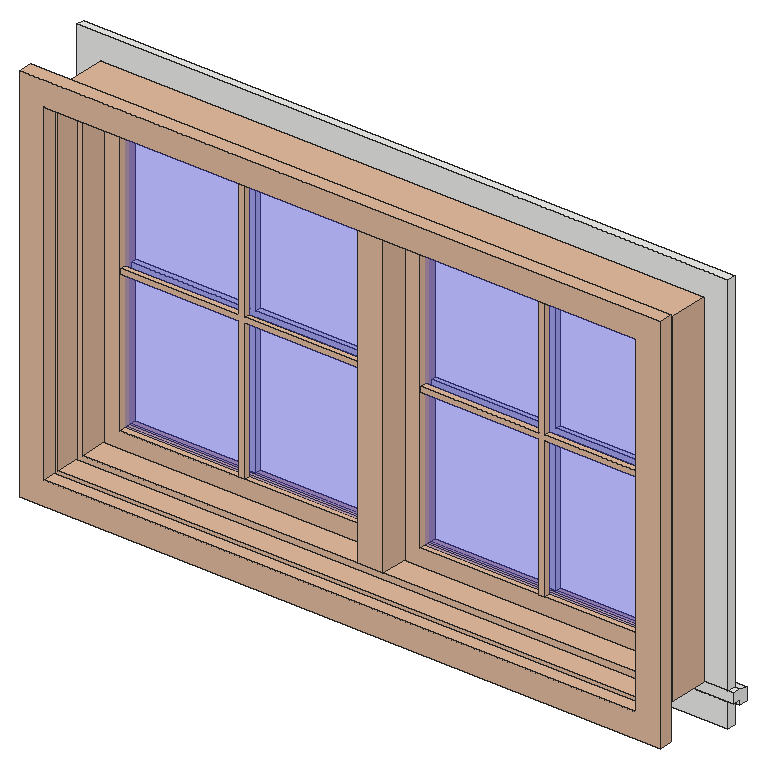
Revit family "66568e772b3940c697b5b0414b3a3b44", category Windows, host Wall, Revit 2021
Family settings
  Host = Wall
  OmniClass Number = 23.30.20.17.21.14
  OmniClass Title = Casement Windows
  Always vertical = Yes
  Cut with Voids When Loaded = No
  Shared = No
  Room Calculation Point = No
Parameters (values of type "56" x 32"")
  Window Inset [instance] = 0' - 0"
  Wall Thickness [instance] = 0' - 6"
  Interior Wall Closure [instance] = 0' - 2 1/4"
  Interior Trim Material = Wood - Stained
  Half Width = Width / 2  # 2' - 4"
  Visual Light Transmittance = 0.81
  Thermal Resistance (R) = 1.8146 (h·ft²·°F)/BTU
  Solar Heat Gain Coefficient = 0.76
  Rough Width = Width + 0' 0 1/2"  # 4' - 8 1/2"
  Rough Height = Height + 0' 0 1/2"  # 2' - 8 1/2"
  Muntin Visibility = yes
  Muntin Pattern = Muntin Pattern_2x2 : Muntin Pattern_2x2
  Interior Trim Visibility [instance] = yes
  Interior Trim = Trim-Window-Interior-Flat : Picture Frame
  Height = 2' - 8"
  Interior Frame Material = Wood - Stained
  Heat Transfer Coefficient (U) = 0.5511 BTU/(h·ft²·°F)
  Glass Panel Material = Glass
  Frame Extension [instance] = if(Exterior Trim Visibility, Window Inset + 0' 0 1/4", 0' 0 1/4")  # 0' - 0 1/4"
  Fire Rating = "0.5h"
  Exterior Wall Closure [instance] = 0' - 1 1/4"
  Exterior Trim Visibility [instance] = yes
  Exterior Trim Material = Clad - White
  Exterior Trim = Trim-Window-Exterior-Flat : with Sill
  Exterior Frame Material = Clad - White
  Extension Jamb Visibility [instance] = and(Interior Trim Visibility, Wall Thickness - Window Inset > 0' 3 3/4")  # yes
  Extension Jamb [instance] = if(Wall Thickness - Window Inset > 0' 3 3/4", Wall Thickness - Window Inset - 0' 3 3/4", 0' 1")  # 0' - 2 1/4"
  Default Sill Height = 3' - 0"
  Wall Closure = By host
  Width = 4' - 8"
  Assembly Code = "B2020100"
  Analytic Construction = "Double glazing - domestic"
Reference planes (in)
  plane 1 "Center (Front/Back)": y = 0
  plane 2: z = 0
  plane 3 "Center (Left/Right)": x = 0
  plane 4 "Left": x = -28
  plane 5 "Right": x = 28
  plane 6 "Sill": z = 36
  plane 7 "Top": z = 68
  plane 8 "Inset Face": y = 3
  plane 9 "Wall Closure": y = -0.75
  plane 10 "Sash Face": y = 3.5
  plane 11 "Exterior": y = 3
  plane 12: x = 27.5
  plane 13: x = -27.5
  plane 14: z = 67.5
  plane 15: z = 36.5
  plane 16: x = 25.25
  plane 17: x = -25.25
  plane 18: z = 65.25
  plane 19: z = 38.75
  plane 20: x = 0.375
  plane 21: x = -0.375
  plane 22: y = 2.25
  plane 23 "Glass": y = 2.625
  plane 24 "Middle": z = 52
  plane 25: y = 3.75
  plane 26: y = 3.75
  plane 27 "Interior": y = -3
  plane 28 "Jamb": y = -0.75
  plane 29: x = -1.1875
  plane 30: x = 1.1875
  plane 31: x = 2.625
  plane 32: x = -2.625
  plane 33: y = -0.75
  plane 34: y = 1.75
  plane 35: y = 3.75
Forms (in)
  Sweep 1, solid, material "Wood - Stained" <- "Interior Frame Material"
    path origin (0, 3.5, 0) x (-1, 0, 0) y (0, 0, 1)
      loop
        line (-28, 36) -> (28, 36) -> (28, 68) -> (-28, 68) -> (-28, 36)
    profile origin (28, 3.5, 52) x (1, 0, 0) y (0, 1, 0)
      loop
        line (0, 0.25) -> (-0.5, 0.25) -> (-0.5, -1.75) -> (-1.25, -1.75) -> (-1.25, -4.25) -> (0, -4.25) -> (0, 0.25)
  Extrusion 2, solid, material "Wood - Stained" <- "Interior Frame Material", visible <- "Extension Jamb Visibility"
    sketch origin (0, 0, 0) x (1, 0, 0) y (0, 0, 1)
      loop
        line (28, 68) -> (-28, 68) -> (-28, 36) -> (28, 36) -> (28, 68)
      loop
        line (27.25, 36.75) -> (27.25, 67.25) -> (-27.25, 67.25) -> (-27.25, 36.75) -> (27.25, 36.75)
    from 0.75 to 3
  Sweep 3, solid, material "Wood - Stained" <- "Interior Frame Material"
    path origin (0, 3.5, 0) x (-1, 0, 0) y (0, 0, 1)
      loop
        line (-27.5, 67.5) -> (-27.5, 36.5) -> (-0.375, 36.5) -> (-0.375, 67.5) -> (-27.5, 67.5)
    profile origin (27.5, 3.5, 52) x (0, 1, 0) y (-1, 0, 0)
      loop
        line (0, 0) -> (0, 2.25) -> (-1.75, 2.25) -> (-1.75, 0) -> (0, 0)
  Sweep 4, solid, material "Wood - Stained" <- "Interior Frame Material"
    path origin (0, 3.5, 0) x (-1, 0, 0) y (0, 0, 1)
      loop
        line (0.375, 36.5) -> (27.5, 36.5) -> (27.5, 67.5) -> (0.375, 67.5) -> (0.375, 36.5)
    profile origin (-0.375, 3.5, 52) x (1, 0, 0) y (0, 1, 0)
      loop
        line (0, 0) -> (-2.25, 0) -> (-2.25, -1.75) -> (0, -1.75) -> (0, 0)
  Extrusion 5, solid, material "Glass"
    sketch origin (0, 0, 36) x (0, -1, 0) y (1, 0, 0)
      loop
        line (-3, 2.625) -> (-2.75, 2.625) -> (-2.75, 25.25) -> (-3, 25.25) -> (-3, 2.625)
      loop
        line (-2.25, 25.25) -> (-2.5, 25.25) -> (-2.5, 2.625) -> (-2.25, 2.625) -> (-2.25, 25.25)
    from 2.75 to 29.25
  Extrusion 6, solid, material "Glass"
    sketch origin (-27.625, 0, 36) x (0, -1, 0) y (1, 0, 0)
      loop
        line (-3, 2.375) -> (-2.75, 2.375) -> (-2.75, 25) -> (-3, 25) -> (-3, 2.375)
      loop
        line (-2.25, 25) -> (-2.5, 25) -> (-2.5, 2.375) -> (-2.25, 2.375) -> (-2.25, 25)
    from 2.75 to 29.25
  Extrusion 7, solid, material "Wood - Stained" <- "Interior Frame Material"
    sketch origin (0, 0, 36) x (0, -1, 0) y (1, 0, 0)
      loop
        line (-3.75, -0.375) -> (-1.75, -0.375) -> (-1.75, -1.1875) -> (0.75, -1.1875) -> (0.75, 1.1875) -> (-1.75, 1.1875) -> (-1.75, 0.375) -> (-3.75, 0.375) -> (-3.75, -0.375)
    from 0.5 to 31.5
  Extrusion 8, void
    sketch origin (0, 0, 0) x (1, 0, 0) y (0, 0, 1)
      loop
        line (1.1875, 37.25) -> (-1.1875, 37.25) -> (-1.1875, 36.5) -> (1.1875, 36.5) -> (1.1875, 37.25)
      loop
        line (1.1875, 66.75) -> (1.1875, 67.5) -> (-1.1875, 67.5) -> (-1.1875, 66.75) -> (1.1875, 66.75)
    from -1.75 to 0.75
Cuts and joins
  Extrusion 8 cuts Extrusion 7
Lines and regions (in)
  Opening 1
    outline origin (-60, -3, 0) x (1, 0, 0) y (0, 0, 1)
      loop
        line (32, 68) -> (32, 36) -> (88, 36) -> (88, 68) -> (32, 68)
  Split face 1
    outline origin (25.25, 3.5, 38.75) x (-1, 0, 0) y (0, -1, 0)
      loop
        line (22.625, 0.5) -> (0, 0.5)
  Split face 2
    outline origin (25.25, 3.5, 65.25) x (0, 0, -1) y (0, -1, 0)
      loop
        line (0, 0.5) -> (26.5, 0.5)
  Split face 3
    outline origin (2.625, 3.5, 38.75) x (0, 0, 1) y (0, -1, 0)
      loop
        line (26.5, 0.5) -> (0, 0.5)
  Split face 4
    outline origin (2.625, 3.5, 65.25) x (0, -1, 0) y (1, 0, 0)
      loop
        line (0.5, 0) -> (0.5, 22.625)
  Split face 5
    outline origin (-25.25, 1.75, 38.75) x (1, 0, 0) y (0, 1, 0)
      loop
        line (0, 1.25) -> (22.625, 1.25)
  Split face 6
    outline origin (-2.625, 1.75, 38.75) x (0, 0, 1) y (0, 1, 0)
      loop
        line (26.5, 1.25) -> (0, 1.25)
  Split face 7
    outline origin (-25.25, 1.75, 65.25) x (0, 0, -1) y (0, 1, 0)
      loop
        line (26.5, 1.25) -> (0, 1.25)
  Split face 8
    outline origin (-2.625, 1.75, 65.25) x (0, 1, 0) y (-1, 0, 0)
      loop
        line (1.25, 22.625) -> (1.25, 0)
  symbolic lines, style "Elevation Swing"
    curve 1: line (0.375, 0, 67.5) -> (27.5, 0, 52)
    curve 2: line (27.5, 0, 52) -> (0.375, 0, 36.5)
    curve 3: line (-0.375, 0, 67.5) -> (-27.5, 0, 52)
    curve 4: line (-27.5, 0, 52) -> (-0.375, 0, 36.5)
Text (in)
  text "EXTERIOR" at (-58.6888, 50.90694, 0), in view "Ref. Level"
  text "INTERIOR" at (-58.6888, -37.76638, 0), in view "Ref. Level"
  text "Exterior" at (0, 43.65631, 123.19604), in view "Left"
  text "Exterior" at (0, 18.29385, 125.04747), in view "Right"
Dimensions and locks (in)
  equal spacing: plane 4 "Left", plane 3 "Center (Left/Right)", plane 5 "Right"
  "Width": plane 4 "Left" to plane 5 "Right"
  "Height": plane 6 "Sill" to plane 7 "Top"
  "Default Sill Height": plane 2 to plane 6 "Sill"
  locked: plane 10 "Sash Face" to plane 8 "Inset Face" at 0.5
  "Wall Thickness": host wall to host wall
  "Window Inset": plane 11 "Exterior" to plane 8 "Inset Face"
  locked: Sweep 1 sketch curve to plane 5 "Right" at 1.25
  locked: Sweep 1 sketch curve to plane 5 "Right" at 0.5
  locked: plane 10 "Sash Face" to Sweep 1 sketch curve at 1.75
  locked: plane 12 to plane 5 "Right" at 0.5
  locked: plane 4 "Left" to plane 13 at 0.5
  locked: plane 14 to plane 7 "Top" at 0.5
  locked: plane 6 "Sill" to plane 15 at 0.5
  locked: plane 16 to plane 12 at 2.25
  locked: plane 13 to plane 17 at 2.25
  locked: plane 18 to plane 14 at 2.25
  locked: plane 15 to plane 19 at 2.25
  locked: Extrusion 2 sketch curve to plane 7 "Top" at 0.75
  locked: Extrusion 2 sketch curve to plane 5 "Right" at 0.75
  locked: Extrusion 2 sketch curve to plane 4 "Left" at 0.75
  locked: plane 6 "Sill" to Extrusion 2 sketch curve at 0.75
  equal spacing: plane 21, plane 3 "Center (Left/Right)", plane 20
  locked: plane 21 to plane 20 at 0.75
  plane 22 to Sweep 3 = 0' - 0 1/2"
  equal spacing: plane 8 "Inset Face", plane 23 "Glass", plane 22
  locked: plane 8 "Inset Face" to plane 22 at 0.75
  equal spacing: plane 6 "Sill", plane 24 "Middle", plane 7 "Top"
  locked: plane 25 to plane 11 "Exterior" at 0.75
  locked: plane 26 to plane 10 "Sash Face" at 0.25
  "Extension Jamb": plane 28 "Jamb" to plane 27 "Interior"
  locked: plane 8 "Inset Face" to plane 9 "Wall Closure" at 3.75
  equal spacing: plane 29, plane 3 "Center (Left/Right)", plane 30
  locked: plane 29 to plane 30 at 2.375
  Extrusion 2 to Extrusion 8 = 2' - 7 1/2"
  locked: plane 30 to plane 31 at 1.4375
  locked: plane 29 to plane 32 at 1.4375
  "Interior Wall Closure": plane 33 to plane 27 "Interior"
  "Exterior Wall Closure": plane 11 "Exterior" to plane 34
  "Frame Extension": plane 35 to plane 10 "Sash Face"
  aligned and locked: plane 7 "Top" to Opening 1 sketch curve
  aligned and locked: plane 6 "Sill" to Opening 1 sketch curve  (x2)
  aligned and locked: plane 5 "Right" to Opening 1 sketch curve
  aligned and locked: plane 4 "Left" to Opening 1 sketch curve
  aligned and locked: level to plane 2
  aligned and locked: host wall to plane 11 "Exterior"
  aligned and locked: plane 5 "Right" to Sweep 1 sketch curve
  aligned and locked: plane 7 "Top" to Sweep 1 sketch curve
  aligned and locked: Sweep 1 sketch curve to plane 4 "Left"
  aligned and locked: Sweep 1 sketch curve to plane 6 "Sill"
  aligned and locked: Extrusion 2 sketch curve to host wall  (x3)
  aligned and locked: plane 7 "Top" to Extrusion 2 sketch curve
  aligned and locked: host wall to Extrusion 2
  aligned and locked: Sweep 3 sketch curve to plane 12
  aligned and locked: plane 14 to Sweep 3 sketch curve
  aligned and locked: Sweep 3 sketch curve to plane 15
  aligned and locked: plane 16 to Sweep 3 sketch curve
  aligned and locked: Sweep 3 sketch curve to plane 10 "Sash Face"
  aligned and locked: plane 20 to Sweep 3 sketch curve
  aligned and locked: plane 21 to Sweep 4 sketch curve
  aligned and locked: plane 15 to Sweep 4 sketch curve
  aligned and locked: Sweep 4 sketch curve to plane 13
  aligned and locked: Sweep 4 sketch curve to plane 14
  aligned and locked: Split face 1 sketch curve to plane 8 "Inset Face"
  aligned and locked: plane 8 "Inset Face" to Split face 2 sketch curve
  aligned and locked: plane 8 "Inset Face" to Split face 3 sketch curve
  aligned and locked: Split face 4 sketch curve to plane 8 "Inset Face"
  aligned and locked: Extrusion 5 sketch curve to plane 8 "Inset Face"
  aligned and locked: plane 16 to Extrusion 5 sketch curve
  aligned and locked: Sweep 3 to Extrusion 5 sketch curve
  aligned and locked: Extrusion 5 sketch curve to plane 22
  aligned and locked: Extrusion 5 sketch curve to plane 16
  aligned and locked: Extrusion 5 sketch curve to Sweep 3
  aligned and locked: plane 18 to Extrusion 5
  aligned and locked: Extrusion 5 to plane 19
  aligned and locked: Extrusion 6 sketch curve to plane 8 "Inset Face"
  aligned and locked: plane 22 to Extrusion 6 sketch curve
  aligned and locked: Sweep 4 to Extrusion 6 sketch curve  (x2)
  aligned and locked: Extrusion 6 sketch curve to plane 17  (x2)
  aligned and locked: plane 19 to nested 1
  aligned and locked: nested 1 to plane 23 "Glass"
  aligned and locked: plane 23 "Glass" to nested 2
  aligned and locked: nested 2 to plane 19
  aligned and locked: plane 24 "Middle" to curve 2
  aligned and locked: plane 24 "Middle" to curve 4
  aligned and locked: plane 14 to curve 1
  aligned and locked: plane 14 to curve 3
  aligned and locked: plane 15 to curve 2
  aligned and locked: plane 15 to curve 4
  aligned and locked: plane 18 to Extrusion 6
  aligned and locked: Split face 5 sketch curve to Extrusion 6
  aligned and locked: plane 8 "Inset Face" to Split face 6 sketch curve
  aligned and locked: Split face 7 sketch curve to plane 8 "Inset Face"
  aligned and locked: Split face 8 sketch curve to plane 8 "Inset Face"
  aligned and locked: plane 27 "Interior" to host wall
  aligned and locked: Extrusion 2 to plane 28 "Jamb"
  aligned and locked: plane 9 "Wall Closure" to Sweep 1
  aligned and locked: Extrusion 7 sketch curve to plane 26
  aligned and locked: Extrusion 7 to Sweep 1
  aligned and locked: Sweep 1 to Extrusion 8 sketch curve
  aligned and locked: plane 30 to Extrusion 8 sketch curve
  aligned and locked: Extrusion 8 sketch curve to Extrusion 7
  aligned and locked: Extrusion 7 to Extrusion 8 sketch curve
  aligned and locked: Extrusion 8 to Sweep 1
  aligned and locked: Sweep 1 to Extrusion 8
  aligned and locked: plane 9 "Wall Closure" to Extrusion 7 sketch curve
  aligned and locked: plane 14 to cut or joined group of Extrusion 7, Extrusion 8
  aligned and locked: nested 3 to plane 11 "Exterior"
  aligned and locked: plane 27 "Interior" to nested 3
  aligned and locked: nested 3 to plane 4 "Left"
  aligned and locked: plane 3 "Center (Left/Right)" to nested 4
  aligned and locked: nested 4 to plane 11 "Exterior"
  aligned and locked: nested 3 to plane 7 "Top"
  aligned and locked: nested 4 to plane 7 "Top"
  aligned and locked: nested 2 to plane 16
  aligned and locked: nested 1 to plane 17
  aligned and locked: plane 18 to nested 1
  aligned and locked: nested 2 to plane 18
  aligned and locked: nested 2 to plane 31
  aligned and locked: nested 1 to plane 32
  aligned and locked: plane 7 "Top" to nested 6
  aligned and locked: plane 3 "Center (Left/Right)" to nested 6
  aligned and locked: plane 7 "Top" to nested 5
  aligned and locked: nested 5 to plane 3 "Center (Left/Right)"
  aligned and locked: plane 35 to Sweep 1 sketch curve
Automatic sketch dimensions
  Sweep 3 sketch curve to profile plane = 0' - 0"
  Sweep 3 sketch curve to plane 10 "Sash Face" = 0' - 1 3/4"
  Sweep 4 sketch curve to plane 10 "Sash Face" = 0' - 0"
  Sweep 4 sketch curve to profile plane = 0' - 0"
  profile plane to Sweep 4 sketch curve = 0' - 2 1/4"
  Sweep 4 sketch curve to plane 10 "Sash Face" = 0' - 1 3/4"
  Split face 1 sketch curve to Sweep 3 = 0' - 0"  (x2)
  Sweep 3 to Split face 2 sketch curve = 0' - 0"
  Split face 2 sketch curve to Sweep 3 = 0' - 0"
  Split face 3 sketch curve to Sweep 3 = 0' - 0"
  Sweep 3 to Split face 3 sketch curve = 0' - 0"
  Split face 4 sketch curve to Sweep 3 = 0' - 0"  (x2)
  plane 23 "Glass" to Extrusion 5 sketch curve = 0' - 0 1/8"
  Extrusion 5 sketch curve to plane 23 "Glass" = 0' - 0 1/8"
  plane 23 "Glass" to Extrusion 6 sketch curve = 0' - 0 1/8"
  Extrusion 6 sketch curve to plane 23 "Glass" = 0' - 0 1/8"
  plane 13 to curve 4 = 0' - 0"
  plane 21 to curve 3 = 0' - 0"
  plane 21 to curve 4 = 0' - 0"
  plane 20 to curve 2 = 0' - 0"
  plane 20 to curve 1 = 0' - 0"
  plane 12 to curve 2 = 0' - 0"
  Split face 5 sketch curve to Sweep 4 = 0' - 0"  (x2)
  Split face 6 sketch curve to Sweep 4 = 0' - 0"
  Sweep 4 to Split face 6 sketch curve = 0' - 0"
  Sweep 4 to Split face 7 sketch curve = 0' - 0"
  Split face 7 sketch curve to Sweep 4 = 0' - 0"
  Split face 8 sketch curve to Sweep 4 = 0' - 0"  (x2)
  Sweep 1 sketch curve to profile plane = 0' - 0"
  Sweep 1 sketch curve to Sweep 1 sketch curve = 0' - 2 1/2"
  Extrusion 7 sketch curve to plane 29 = 0' - 0"
  Extrusion 7 sketch curve to plane 21 = 0' - 0"
  Extrusion 7 sketch curve to plane 20 = 0' - 0"
  Extrusion 7 sketch curve to plane 30 = 0' - 0"
  Extrusion 7 sketch curve to plane 22 = 0' - 0 1/2"  (x2)
  Extrusion 8 sketch curve to plane 14 = 0' - 0"
  Extrusion 8 sketch curve to plane 29 = 0' - 0"
  Extrusion 8 sketch curve to plane 30 = 0' - 0"
  Extrusion 8 sketch curve to plane 14 = 0' - 0 3/4"
Nested families (in)
  nested 1: "Muntin Pattern_2x2" at (-13.9375, 2.625, 38.75), type <- "Muntin Pattern", Exterior Material <- "Exterior Frame Material", Interior Material <- "Interior Frame Material", visible <- "Muntin Visibility", type "Muntin Pattern_2x2"
    with Width 1' - 10 5/8", Interior Material Wood - Stained, Height 2' - 2 1/2", Exterior Material Clad - White
  nested 2: "Muntin Pattern_2x2" at (13.9375, 2.625, 38.75) x (-1, 0, 0) z (0, 0, 1), type <- "Muntin Pattern", Exterior Material <- "Exterior Frame Material", Interior Material <- "Interior Frame Material", visible <- "Muntin Visibility", type "Muntin Pattern_2x2"
    with Width 1' - 10 5/8", Interior Material Wood - Stained, Height 2' - 2 1/2", Exterior Material Clad - White
  nested 3: "Plan-Awning" at (-14, 3, 36), Width <- "Half Width", Height <- "Height", Window Inset <- "Window Inset", Wall Thickness <- "Wall Thickness", type "Plan-Awning"
    with Window Inset of 3D 0' - 0", Window Inset 0' - 0", Width 2' - 4", Wall Thickness 0' - 6", Top Line yes, Right Line no, Left Line yes, Height 2' - 8", Bottom Line yes
  nested 4: "Plan-Awning" at (14, 3, 36), Width <- "Half Width", Height <- "Height", Wall Thickness <- "Wall Thickness", Window Inset <- "Window Inset", type "Plan-Awning"
    with Window Inset of 3D 0' - 0", Window Inset 0' - 0", Width 2' - 4", Wall Thickness 0' - 6", Top Line yes, Right Line yes, Left Line no, Height 2' - 8", Bottom Line yes
  nested 5: "Trim-Window-Exterior-Flat" at (0, 3, 68) x (-1, 0, 0) z (0, 1, 0), visible <- "Exterior Trim Visibility", Trim Material <- "Exterior Trim Material", Opening Width <- "Width", Opening Height <- "Height", type <- "Exterior Trim", type "with Sill"
    with Trim Material Clad - White, Opening Width 4' - 8", Opening Height 2' - 8"
  nested 6: "Trim-Window-Interior-Flat" at (0, -3, 68) x (1, 0, 0) z (0, -1, 0), visible <- "Interior Trim Visibility", Trim Material <- "Interior Trim Material", Opening Width <- "Width", Opening Height <- "Height", type <- "Interior Trim", type "Picture Frame"
    with Trim Material Wood - Stained, Opening Width 4' - 8", Opening Height 2' - 8"
Definition of nested family "Muntin Pattern_2x2"
  Parameters (values of type "Muntin Pattern_2x2")
    Width [instance] = 4' - 0"
    Thickness = 0' - 0 1/2"
    Height [instance] = 4' - 0"
    Interior Material [instance] = none
    Exterior Material [instance] = none
    Distance = 0' - 0 3/4"
    Default Elevation = 0' - 0"
  Reference planes (in)
    plane 1 "Center (Front/Back)": y = 0
    plane 2: z = 0
    plane 3 "Center (Left/Right)": x = 0
    plane 4: z = 48
    plane 5: x = -24
    plane 6: x = 24
    plane 7: z = 24
    plane 8: y = 0.375
    plane 9: y = 0.875
    plane 10: y = -0.375
    plane 11: y = -0.875
  Forms (in)
    Extrusion 1, solid, material <- "Interior Material", detail levels fine
      sketch origin (0, 0, 0) x (1, 0, 0) y (0, 0, 1)
        loop
          line (-24, 24.25) -> (-24, 23.75) -> (-0.25, 23.75) -> (-0.25, 0) -> (0.25, 0) -> (0.25, 23.75) -> (24, 23.75) -> (24, 24.25) -> (0.25, 24.25) -> (0.25, 48) -> (-0.25, 48) -> (-0.25, 24.25) -> (-24, 24.25)
      from 0.375 to 0.875
    Extrusion 2, solid, material <- "Exterior Material", detail levels fine
      sketch origin (0, 0, 0) x (1, 0, 0) y (0, 0, -1)
        loop
          line (-24, -24.25) -> (-0.25, -24.25) -> (-0.25, -48) -> (0.25, -48) -> (0.25, -24.25) -> (24, -24.25) -> (24, -23.75) -> (0.25, -23.75) -> (0.25, 0) -> (-0.25, 0) -> (-0.25, -23.75) -> (-24, -23.75) -> (-24, -24.25)
      from 0.375 to 0.875
  Lines and regions (in)
    model lines, detail levels medium
      curve 1: line (0, 0.375, 48) -> (0, 0.375, 0)
      curve 2: line (-24, -0.375, 24) -> (24, -0.375, 24)
      curve 3: line (-24, 0.375, 24) -> (24, 0.375, 24)
      curve 4: line (0, -0.375, 48) -> (0, -0.375, 0)
  Dimensions and locks (in)
    equal spacing: plane 6, plane 3 "Center (Left/Right)", plane 5
    "Width": plane 6 to plane 5
    "Height": plane 4 to plane 2
    equal spacing: plane 4, plane 7, plane 2
    locked: plane 3 "Center (Left/Right)" to Extrusion 1 sketch curve at 0.25  (x4)
    locked: Extrusion 1 sketch curve to plane 7 at 0.25  (x2)
    locked: plane 7 to Extrusion 1 sketch curve at 0.25  (x2)
    "Thickness": plane 9 to plane 8
    "Thickness": plane 10 to plane 11
    "Distance": plane 8 to plane 10
    equal spacing: plane 8, plane 1 "Center (Front/Back)", plane 10
    aligned and locked: plane 2 to level
    aligned and locked: plane 4 to curve 1
    aligned and locked: plane 5 to curve 2
    aligned and locked: plane 2 to curve 1
    aligned and locked: plane 6 to curve 2
    aligned and locked: Extrusion 1 sketch curve to plane 4
    aligned and locked: Extrusion 1 sketch curve to plane 6
    aligned and locked: Extrusion 1 sketch curve to plane 5
    aligned and locked: Extrusion 1 sketch curve to level
    aligned and locked: Extrusion 1 to plane 11
    aligned and locked: plane 10 to Extrusion 1
    aligned and locked: Extrusion 2 to plane 5
    aligned and locked: plane 6 to Extrusion 2
    aligned and locked: Extrusion 2 to plane 8
    aligned and locked: plane 9 to Extrusion 2
    aligned and locked: Extrusion 2 to plane 2
    aligned and locked: plane 4 to Extrusion 2
    aligned and locked: plane 5 to curve 3
    aligned and locked: plane 6 to curve 3
    aligned and locked: plane 4 to curve 4
    aligned and locked: plane 2 to curve 4
    aligned and locked: plane 8 to curve 3
  Automatic sketch dimensions
    curve 2 to plane 7 = 0' - 0"
    Extrusion 2 sketch curve to plane 5 = 0' - 0"
    Extrusion 2 sketch curve to level = 0' - 0"
    Extrusion 2 sketch curve to plane 4 = 0' - 0"
    Extrusion 2 sketch curve to plane 6 = 0' - 0"
    Extrusion 2 sketch curve to plane 3 "Center (Left/Right)" = 0' - 0 1/4"  (x2)
    plane 3 "Center (Left/Right)" to Extrusion 2 sketch curve = 0' - 0 1/4"  (x2)
    plane 7 to Extrusion 2 sketch curve = 0' - 0 1/4"  (x2)
    Extrusion 2 sketch curve to plane 7 = 0' - 0 1/4"  (x2)
    curve 4 to plane 3 "Center (Left/Right)" = 0' - 0"
    curve 4 to level = 0' - 0"
    curve 4 to plane 4 = 0' - 0"
    curve 3 to plane 6 = 0' - 0"
    curve 1 to plane 3 "Center (Left/Right)" = 0' - 0"
    curve 3 to plane 5 = 0' - 0"
    curve 3 to plane 7 = 0' - 0"
Definition of nested family "Trim-Window-Exterior-Flat"
  Parameters (values of type "with Sill")
    Trim Width = 0' - 2 1/4"
    Trim Thickness_Picture Frame = 0' - 1 1/4"
    Trim Thickness_with Sill = 0' - 0 3/4"
    Trim Material [instance] = none
    Sill Thickness = 0' - 1 1/4"
    Sill = yes
    Picture Frame = no
    Opening Width [instance] = 2' - 0"
    Opening Height [instance] = 3' - 0"
    Default Elevation = 4' - 0"
  Types (2): name | Sill | Picture Frame
    with Sill | yes | no
    Picture Frame | no | yes
  Reference planes (in)
    plane 1 "Center (Front/Back)": y = 0
    plane 2: z = 0
    plane 3 "Center (Left/Right)": x = 0
    plane 4: y = 2.25
    plane 5 "Left": x = -12
    plane 6 "Right": x = 12
    plane 7 "Bottom": y = -36
    plane 8: y = -37.25
    plane 9: y = -39.12332
    plane 10: x = 14.25
    plane 11: x = -14.25
    plane 12: z = 0.75
    plane 13: z = 1.25
    plane 14: x = 14.75
    plane 15: x = -14.75
    plane 16: y = -36.87332
    plane 17: y = -38.25
    plane 18: z = 0.5
    plane 19: y = -18
    plane 20: z = 1.5
  Forms (in)
    Extrusion 1, solid
      sketch origin (0, 0, 0) x (1, 0, 0) y (0, 1, 0)
        loop
          line (-14.25, 2.25) -> (-14.25, -39.12332) -> (14.25, -39.12332) -> (14.25, 2.25) -> (-14.25, 2.25)
      from 0 to -12
    Extrusion 2, solid, material <- "Trim Material", visible <- "Sill"
      sketch origin (0, 0, 0) x (1, 0, 0) y (0, 1, 0)
        loop
          line (-14.25, -36) -> (-12, -36) -> (-12, 0) -> (12, 0) -> (12, -36) -> (14.25, -36) -> (14.25, 2.25) -> (-14.25, 2.25) -> (-14.25, -36)
      from 0 to 0.75
    Extrusion 3, solid, material <- "Trim Material", visible <- "Sill"
      sketch origin (0, 0, 0) x (0, 1, 0) y (0, 0, 1)
        loop
          line (-36.09677, 1.5) -> (-37.25, 1.5) -> (-37.25, 0.75) -> (-36.87332, 0.75) -> (-36.87332, 0) -> (-36, 0) -> (-36, 0.75) -> (-36.09677, 1.5)
      from -14.75 to 14.75
    Extrusion 4, solid, material <- "Trim Material", visible <- "Sill"
      sketch origin (0, 0, 0) x (1, 0, 0) y (0, 1, 0)
        loop
          line (-14.25, -36.87332) -> (-14.25, -39.12332) -> (14.25, -39.12332) -> (14.25, -36.87332) -> (-14.25, -36.87332)
      from 0 to 0.75
    Extrusion 5, solid, material <- "Trim Material", visible <- "Picture Frame"
      sketch origin (0, 0, 0) x (1, 0, 0) y (0, 1, 0)
        loop
          line (-12, 0) -> (-12, -36) -> (12, -36) -> (12, 0) -> (-12, 0)
        loop
          line (-14.25, 2.25) -> (-14.25, -38.25) -> (14.25, -38.25) -> (14.25, 2.25) -> (-14.25, 2.25)
      from 0 to 1.25
  Dimensions and locks (in)
    equal spacing: plane 5 "Left", plane 3 "Center (Left/Right)", plane 6 "Right"
    "Opening Width": plane 5 "Left" to plane 6 "Right"
    "Opening Height": plane 7 "Bottom" to plane 1 "Center (Front/Back)"
    "Sill Thickness": plane 7 "Bottom" to plane 8
    "Trim Width": plane 11 to plane 5 "Left"
    "Trim Width": plane 6 "Right" to plane 10
    "Trim Width": plane 1 "Center (Front/Back)" to plane 4
    locked: plane 15 to plane 11 at 0.5
    locked: plane 10 to plane 14 at 0.5
    locked: plane 16 to plane 8 at 0.37668
    "Trim Width": plane 9 to plane 16
    "Trim Width": plane 17 to plane 7 "Bottom"
    locked: plane 18 to plane 2 at 0.5
    equal spacing: plane 7 "Bottom", plane 19, plane 1 "Center (Front/Back)"
    locked: plane 20 to plane 12 at 0.75
    "Trim Thickness_with Sill": plane 12 to plane 2
    "Trim Thickness_Picture Frame": plane 13 to plane 2
    aligned and locked: plane 2 to Extrusion 1
    aligned and locked: level to Extrusion 1
    aligned and locked: Extrusion 2 sketch curve to plane 5 "Left"
    aligned and locked: Extrusion 2 sketch curve to plane 11
    aligned and locked: plane 7 "Bottom" to Extrusion 2 sketch curve  (x2)
    aligned and locked: plane 1 "Center (Front/Back)" to Extrusion 2 sketch curve
    aligned and locked: plane 10 to Extrusion 2 sketch curve
    aligned and locked: Extrusion 2 sketch curve to plane 6 "Right"
    aligned and locked: plane 12 to Extrusion 2
    aligned and locked: Extrusion 3 sketch curve to level
    aligned and locked: plane 7 "Bottom" to Extrusion 3 sketch curve
    aligned and locked: Extrusion 3 sketch curve to plane 8
    aligned and locked: plane 15 to Extrusion 3
    aligned and locked: Extrusion 3 to plane 14
    aligned and locked: plane 10 to Extrusion 4 sketch curve
    aligned and locked: Extrusion 4 sketch curve to plane 11
    aligned and locked: plane 16 to Extrusion 4 sketch curve
    aligned and locked: plane 9 to Extrusion 4 sketch curve
    aligned and locked: Extrusion 4 to Extrusion 2
    aligned and locked: Extrusion 2 sketch curve to plane 4
    aligned and locked: plane 1 "Center (Front/Back)" to Extrusion 5 sketch curve
    aligned and locked: Extrusion 5 sketch curve to plane 4
    aligned and locked: Extrusion 5 sketch curve to plane 17
    aligned and locked: plane 7 "Bottom" to Extrusion 5 sketch curve
    aligned and locked: Extrusion 5 sketch curve to plane 6 "Right"
    aligned and locked: plane 10 to Extrusion 5 sketch curve
    aligned and locked: Extrusion 5 sketch curve to plane 5 "Left"
    aligned and locked: Extrusion 5 sketch curve to plane 11
    aligned and locked: plane 13 to Extrusion 5
    aligned and locked: plane 20 to Extrusion 3
  Automatic sketch dimensions
    Extrusion 1 sketch curve to Extrusion 1 sketch curve = 2' - 4 1/2"
    Extrusion 1 sketch curve to Extrusion 1 sketch curve = 3' - 5.37332"
    Extrusion 3 sketch curve to plane 16 = 0' - 0"
    Extrusion 3 sketch curve to plane 12 = 0' - 0"  (x2)
    Extrusion 3 sketch curve to plane 7 "Bottom" = 0' - 0.09677"
    plane 13 to Extrusion 3 sketch curve = 0' - 0 1/4"
Definition of nested family "Trim-Window-Interior-Flat"
  Parameters (values of type "with Sill")
    Trim Thickness_Picture Frame = 0' - 1 1/4"
    Trim Width = 0' - 2 1/4"
    Trim Thickness_with Sill = 0' - 0 3/4"
    Trim Material [instance] = none
    Sill Thickness = 0' - 1 1/4"
    Sill = yes
    Picture Frame = no
    Opening Width [instance] = 2' - 0"
    Opening Height [instance] = 3' - 0"
    Default Elevation = 4' - 0"
  Types (2): name | Sill | Picture Frame
    with Sill | yes | no
    Picture Frame | no | yes
  Reference planes (in)
    plane 1 "Center (Front/Back)": y = 0
    plane 2: z = 0
    plane 3 "Center (Left/Right)": x = 0
    plane 4: y = 1.75
    plane 5 "Left": x = -12
    plane 6 "Right": x = 12
    plane 7 "Bottom": y = -36
    plane 8: y = -37.25
    plane 9: y = -39.12332
    plane 10: x = 13.75
    plane 11: x = -13.75
    plane 12: z = 0.75
    plane 13: z = 1.25
    plane 14: x = 14.25
    plane 15: x = -14.25
    plane 16: y = -36.87332
    plane 17: y = -37.75
    plane 18: z = 0.5
    plane 19: x = -11.5
    plane 20: y = -0.5
    plane 21: x = 11.5
    plane 22: y = -35.5
    plane 23: x = -13.25
    plane 24: x = 13.25
    plane 25: y = -18
  Forms (in)
    Extrusion 1, solid
      sketch origin (0, 0, 0) x (1, 0, 0) y (0, 1, 0)
        loop
          line (-13.75, 1.75) -> (-13.75, -37.75) -> (13.75, -37.75) -> (13.75, 1.75) -> (-13.75, 1.75)
      from 0 to -12
    Extrusion 2, solid, material <- "Trim Material", visible <- "Sill"
      sketch origin (0, 0, 0) x (1, 0, 0) y (0, 1, 0)
        loop
          line (-13.25, -36) -> (-11.5, -36) -> (-11.5, 0) -> (11.5, 0) -> (11.5, -36) -> (13.25, -36) -> (13.25, 1.75) -> (-13.25, 1.75) -> (-13.25, -36)
      from 0 to 0.75
    Extrusion 3, solid, material <- "Trim Material", visible <- "Sill"
      sketch origin (0, 0, 0) x (0, 1, 0) y (0, 0, 1)
        loop
          line (-36.5, 1.5) -> (-36.87332, 1.5) -> (-36.87332, 0) -> (-36, 0) -> (-36, 1)
          arc (-36, 1) -> (-36.14645, 1.35355) -> (-36.5, 1.5) r 0.5
      from -13.75 to 13.75
    Extrusion 4, solid, material <- "Trim Material", visible <- "Sill"
      sketch origin (0, 0, 0) x (1, 0, 0) y (0, 1, 0)
        loop
          line (-13.25, -36.87332) -> (-13.25, -39.12332) -> (13.25, -39.12332) -> (13.25, -36.87332) -> (-13.25, -36.87332)
      from 0 to 0.75
    Extrusion 5, solid, material <- "Trim Material", visible <- "Picture Frame"
      sketch origin (0, 0, 0) x (1, 0, 0) y (0, 1, 0)
        loop
          line (-11.5, -0.5) -> (-11.5, -35.5) -> (11.5, -35.5) -> (11.5, -0.5) -> (-11.5, -0.5)
        loop
          line (-13.75, 1.75) -> (-13.75, -37.75) -> (13.75, -37.75) -> (13.75, 1.75) -> (-13.75, 1.75)
      from 0 to 1.25
  Dimensions and locks (in)
    equal spacing: plane 5 "Left", plane 3 "Center (Left/Right)", plane 6 "Right"
    "Opening Width": plane 5 "Left" to plane 6 "Right"
    "Opening Height": plane 7 "Bottom" to plane 1 "Center (Front/Back)"
    "Sill Thickness": plane 7 "Bottom" to plane 8
    "Trim Width": plane 11 to plane 19
    "Trim Width": plane 21 to plane 10
    "Trim Width": plane 20 to plane 4
    "Trim Thickness_with Sill": plane 12 to plane 2
    locked: plane 15 to plane 11 at 0.5
    locked: plane 10 to plane 14 at 0.5
    locked: plane 16 to plane 8 at 0.37668
    "Trim Width": plane 9 to plane 16
    "Trim Width": plane 17 to plane 22
    plane 20 to plane 1 "Center (Front/Back)" = 0' - 0 1/2"
    plane 5 "Left" to plane 19 = 0' - 0 1/2"
    plane 21 to plane 6 "Right" = 0' - 0 1/2"
    plane 22 to plane 7 "Bottom" = 0' - 0 1/2"
    locked: plane 11 to plane 23 at 0.5
    locked: plane 24 to plane 10 at 0.5
    equal spacing: plane 7 "Bottom", plane 25, plane 1 "Center (Front/Back)"
    "Trim Thickness_Picture Frame": plane 13 to plane 2
    locked: Extrusion 3 to plane 12 at 0.75
    locked: plane 12 to Extrusion 3 sketch curve at 0.75
    radius of Extrusion 3 sketch curve = 0' - 0 1/2"
    aligned and locked: plane 2 to Extrusion 1
    aligned and locked: level to Extrusion 1
    aligned and locked: plane 7 "Bottom" to Extrusion 2 sketch curve  (x2)
    aligned and locked: plane 1 "Center (Front/Back)" to Extrusion 2 sketch curve
    aligned and locked: plane 12 to Extrusion 2
    aligned and locked: Extrusion 3 sketch curve to level
    aligned and locked: plane 7 "Bottom" to Extrusion 3 sketch curve
    aligned and locked: plane 16 to Extrusion 4 sketch curve
    aligned and locked: plane 9 to Extrusion 4 sketch curve
    aligned and locked: Extrusion 2 sketch curve to plane 4
    aligned and locked: Extrusion 5 sketch curve to plane 4
    aligned and locked: Extrusion 5 sketch curve to plane 17
    aligned and locked: plane 10 to Extrusion 5 sketch curve
    aligned and locked: Extrusion 5 sketch curve to plane 11
    aligned and locked: plane 13 to Extrusion 5
    aligned and locked: Extrusion 5 sketch curve to plane 20
    aligned and locked: Extrusion 5 sketch curve to plane 19
    aligned and locked: Extrusion 5 sketch curve to plane 21
    aligned and locked: plane 22 to Extrusion 5 sketch curve
    aligned and locked: Extrusion 4 to plane 24
    aligned and locked: plane 11 to Extrusion 3
    aligned and locked: Extrusion 3 to plane 10
    aligned and locked: Extrusion 2 sketch curve to plane 21
    aligned and locked: Extrusion 2 sketch curve to plane 24
    aligned and locked: Extrusion 2 sketch curve to plane 19
    aligned and locked: Extrusion 2 sketch curve to plane 23
    aligned and locked: plane 12 to Extrusion 4
  Automatic sketch dimensions
    Extrusion 1 sketch curve to Extrusion 1 sketch curve = 2' - 3 1/2"
    Extrusion 1 sketch curve to Extrusion 1 sketch curve = 3' - 3 1/2"
    Extrusion 3 sketch curve to plane 16 = 0' - 0"
    Extrusion 4 sketch curve to plane 11 = 0' - 0 1/2"
    Extrusion 4 sketch curve to plane 24 = 0' - 0"
Definition of nested family "Plan-Awning"
  Parameters (values of type "Plan-Awning")
    Window Inset [instance] = 0' - 2"
    Window Inset of 3D [instance] = if(Window Inset - 0' 0 1/2" < 0' 0", 0' 0", if(Window Inset - 0' 0 1/2" < Wall Thickness - 0' 3 1/2", Window Inset - 0' 0 1/2", Wall Thickness - 0' 3 1/2"))  # 0' - 1 1/2"
    Width [instance] = 4' - 0"
    Wall Thickness [instance] = 0' - 6"
    Top Line [instance] = yes
    Rough Width = 3' - 0 1/2"
    Rough Height = 3' - 0 1/2"
    Right Line [instance] = yes
    Left Line [instance] = yes
    Height [instance] = 4' - 0"
    Default Elevation = 4' - 0"
    Bottom Line [instance] = yes
    Analytic Construction = "<None>"
  Reference planes (in)
    plane 1 "Center (Front/Back)": y = 0
    plane 2: z = 0
    plane 3 "Center (Left/Right)": x = 0
    plane 4: x = -24
    plane 5: x = 24
    plane 6 "Jamb": y = -5
    plane 7: x = -23.5
    plane 8: x = -22.75
    plane 9: y = -1.5
    plane 10: y = -3.25
    plane 11: y = -2.375
    plane 12: x = -21.25
    plane 13: x = 23.5
    plane 14: x = 22.75
    plane 15: x = 21.25
    plane 16 "Window Inset": y = -2
    plane 17 "Wall": y = -6
    plane 18: z = 48
    plane 19: z = 47.5
    plane 20: z = 0.5
    plane 21: z = 46.75
    plane 22: z = 1.25
    plane 23: z = 45.25
    plane 24: z = 2.75
    plane 25: z = 24
  Lines and regions (in)
    Masking region 1
      outline origin (0, 0.75, 0) x (1, 0, 0) y (0, 1, 0)
        loop
          line (-24, -6.75) -> (24, -6.75) -> (24, -0.75) -> (-24, -0.75) -> (-24, -6.75)
    Masking region 2
      outline origin (0, 0, 0) x (0, 1, 0) y (0, 0, 1)
        loop
          line (-6, 48) -> (-6, 0) -> (0, 0) -> (0, 48) -> (-6, 48)
    symbolic lines
      curve 1: line (-23.5, -3.25, 0) -> (-22.75, -3.25, 0)
      curve 2: line (-22.75, -3.25, 0) -> (-22.75, -5, 0)
      curve 3: line (-23.5, -1.5, 0) -> (-23.5, -3.25, 0)
      curve 4: line (-21.25, -1.5, 0) -> (-21.25, -3.25, 0)
      curve 5: line (-21.25, -3.25, 0) -> (-22.75, -3.25, 0)
      curve 6: line (-21.25, -2.375, 0) -> (21.25, -2.375, 0)
      curve 7: line (22.75, -3.25, 0) -> (22.75, -5, 0)
      curve 8: line (23.5, -1.5, 0) -> (23.5, -3.25, 0)
      curve 9: line (21.25, -1.5, 0) -> (21.25, -3.25, 0)
      curve 10: line (21.25, -3.25, 0) -> (23.5, -3.25, 0)
      curve 11: line (-24, -5, 0) -> (-22.75, -5, 0)
      curve 12: line (22.75, -5, 0) -> (-22.75, -5, 0)
      curve 13: line (0, -3.25, 46.75) -> (0, -5, 46.75)
      curve 14: line (0, -5, 0) -> (0, -5, 1.25)
      curve 15: line (0, -1.5, 0.5) -> (0, -3.25, 0.5)
      curve 16: line (0, -3.25, 0.5) -> (0, -3.25, 2.75)
      curve 17: line (0, -3.25, 1.25) -> (0, -5, 1.25)
      curve 18: line (0, -1.5, 48) -> (0, -1.5, 45.25)
      curve 19: line (0, -1.5, 45.25) -> (0, -3.25, 45.25)
      curve 20: line (0, -3.25, 2.75) -> (0, -1.5, 2.75)
      curve 21: line (0, -2.375, 2.75) -> (0, -2.375, 45.25)
      curve 22: line (0, -3.25, 47.5) -> (0, -3.25, 45.25)
      curve 23: line (21.25, -1.5, 0) -> (24, -1.5, 0)
      curve 24: line (21.25, -1.5, 0) -> (-21.25, -1.5, 0)
      curve 25: line (0, -1.5, 2.75) -> (0, -1.5, 0)
      curve 26: line (-21.25, -1.5, 0) -> (-24, -1.5, 0)
      curve 27: line (0, -1.5, 45.25) -> (0, -1.5, 2.75)
      curve 32: line (22.75, -5, 0) -> (24, -5, 0)
      curve 33: line (0, -1.5, 47.5) -> (0, -3.25, 47.5)
      curve 34: line (0, -5, 46.75) -> (0, -5, 48)
      curve 35: line (0, -5, 1.25) -> (0, -5, 46.75)
      curve 36: line (0, -3.25, 47.5) -> (0, 20.25, 6.79681)
      curve 37: arc (0, -3.25, 0.5) -> (0, 8.9145, 2.10149) -> (0, 20.25, 6.79681) r 47
    symbolic lines, visible <- "Top Line"
      curve 28: line (0, 0, 48) -> (0, -6, 48)
    symbolic lines, visible <- "Bottom Line"
      curve 29: line (0, 0, 0) -> (0, -6, 0)
    symbolic lines, visible <- "Left Line"
      curve 30: line (-24, 0, 0) -> (-24, -6, 0)
    symbolic lines, visible <- "Right Line"
      curve 31: line (24, 0, 0) -> (24, -6, 0)
  Dimensions and locks (in)
    "Width": plane 4 to plane 5
    equal spacing: plane 4, plane 3 "Center (Left/Right)", plane 5
    plane 4 to plane 7 to plane 8 = 0' - 0 1/2" locked, 0' - 0 3/4" locked
    equal spacing: plane 9, plane 11, plane 10
    locked: plane 7 to plane 12 at 2.25
    plane 5 to plane 13 to plane 14 = 0' - 0 1/2" locked, 0' - 0 3/4" locked
    locked: plane 13 to plane 15 at 2.25
    locked: plane 9 to plane 16 "Window Inset" at 0.5
    locked: plane 9 to plane 10 at 1.75
    "Wall Thickness": plane 17 "Wall" to plane 1 "Center (Front/Back)"
    "Height": plane 18 to plane 2
    locked: plane 18 to plane 19 at 0.5
    locked: plane 20 to plane 2 at 0.5
    locked: plane 19 to plane 21 at 0.75
    locked: plane 22 to plane 20 at 0.75
    locked: plane 19 to plane 23 at 2.25
    locked: plane 24 to plane 20 at 2.25
    locked: plane 10 to plane 6 "Jamb" at 1.75
    "Window Inset of 3D": plane 9 to plane 1 "Center (Front/Back)"
    equal spacing: plane 18, plane 25, plane 2
    locked: plane 10 to curve 36 (angle 30.00°)
    aligned and locked: plane 2 to level
    aligned and locked: curve 2 to plane 8
    aligned and locked: curve 1 to plane 10
    aligned and locked: plane 4 to Masking region 1 sketch curve
    aligned and locked: Masking region 1 sketch curve to plane 5
    aligned and locked: plane 14 to curve 7
    aligned and locked: Masking region 1 sketch curve to plane 17 "Wall"
    aligned and locked: plane 1 "Center (Front/Back)" to Masking region 1 sketch curve
    aligned and locked: Masking region 2 sketch curve to plane 18
    aligned and locked: plane 17 "Wall" to Masking region 2 sketch curve
    aligned and locked: level to Masking region 2 sketch curve
    aligned and locked: plane 6 "Jamb" to curve 14
    aligned and locked: plane 21 to curve 13
    aligned and locked: plane 22 to curve 17  (x2)
    aligned and locked: plane 10 to curve 16  (x2)
    aligned and locked: plane 20 to curve 15
    aligned and locked: curve 18 to plane 9
    aligned and locked: plane 23 to curve 19
    aligned and locked: curve 20 to plane 24
    aligned and locked: plane 11 to curve 21
    aligned and locked: plane 18 to curve 18
    aligned and locked: plane 9 to curve 15
    aligned and locked: plane 9 to curve 3
    aligned and locked: plane 19 to curve 22
    aligned and locked: plane 23 to curve 22
    aligned and locked: plane 9 to curve 24
    aligned and locked: plane 4 to curve 26
    aligned and locked: plane 9 to curve 25
    aligned and locked: plane 2 to curve 25
    aligned and locked: curve 4 to plane 12
    aligned and locked: plane 24 to curve 27
    aligned and locked: plane 1 "Center (Front/Back)" to curve 28
    aligned and locked: plane 17 "Wall" to curve 28
    aligned and locked: curve 28 to plane 18
    aligned and locked: plane 17 "Wall" to curve 29
    aligned and locked: plane 1 "Center (Front/Back)" to curve 29
    aligned and locked: curve 29 to plane 2
    aligned and locked: plane 4 to curve 11
    aligned and locked: plane 17 "Wall" to curve 31
    aligned and locked: curve 31 to plane 5
    aligned and locked: plane 5 to curve 32
    aligned and locked: plane 14 to curve 32
    aligned and locked: curve 32 to plane 6 "Jamb"
    aligned and locked: plane 17 "Wall" to curve 30
    aligned and locked: plane 9 to curve 33
    aligned and locked: plane 10 to curve 33
    aligned and locked: curve 33 to plane 19
    aligned and locked: plane 1 "Center (Front/Back)" to curve 31
    aligned and locked: plane 1 "Center (Front/Back)" to curve 30
    aligned and locked: plane 22 to curve 35
    aligned and locked: plane 21 to curve 34
    aligned and locked: curve 35 to plane 6 "Jamb"
    aligned and locked: curve 34 to plane 6 "Jamb"
    aligned and locked: plane 20 to curve 37
    aligned and locked: plane 19 to curve 37
    aligned and locked: plane 10 to curve 37
  Automatic sketch dimensions
    curve 3 to plane 7 = 0' - 0"
    curve 9 to plane 15 = 0' - 0"
    curve 8 to plane 10 = 0' - 0"
    curve 8 to plane 13 = 0' - 0"
    curve 6 to plane 11 = 0' - 0"
    Masking region 2 sketch curve to plane 1 "Center (Front/Back)" = 0' - 0"
    curve 13 to plane 6 "Jamb" = 0' - 0"
    curve 17 to plane 6 "Jamb" = 0' - 0"
